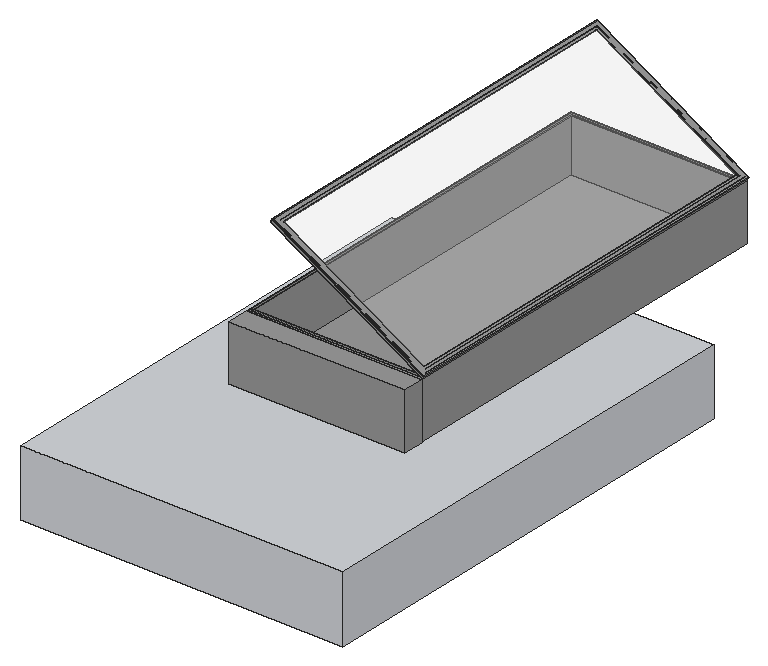
Revit family "Hager-Univers-IP55-D275-H1950-Cl.I-Steel_encl-NoHosted-CH-de", category Equipement électrique, Revit 2020
Family settings
  Hôte = Face
  Configuration du panneau = Deux colonnes, circuits au sein
  Cote de connecteur circulaire = Utiliser le diamètre
  Type d'élément = Tableau de raccordement
  Couper avec des vides une fois chargée = Non
  Partagée = Non
  Point de calcul de pièce = Non
Parameters (values of type "Bodenaufstellung IP55 B800 H1950 T275  - FR23K1")
  Width Control [instance] = if([EF000008 - Breite] > Min Width, [EF000008 - Breite], Min Width)  # 800 mm
  Commentaires du type = [HG000003 - Bereich]  # "Univers"
  Thickness Door [instance] = if([EF009171 - Materialstärke Tür/Deckel] > 3 mm, 3 mm, [EF009171 - Materialstärke Tür/Deckel])  # 1.5 mm
  Seal Frame Offset [instance] = 17 mm  # constant formula
  Plinth Visibility [instance] = [HG000027 - Sockelhöhe] > 0 mm  # yes
  Model = ""
  Min Width [instance] = 100 mm  # constant formula
  Min Height [instance] = 100 mm  # constant formula
  Min Depth [instance] = (2 * [EF009170 - Materialstärke Gehäuse]) + 1 mm  # 4 mm
  Internal Frame Depth [instance] = (Door System Depth * 0.5)  # 9 mm
  Height Control [instance] = if([EF000040 - Höhe] > Min Height, [EF000040 - Höhe], Min Height)  # 1950 mm
  HG000027 - Sockelhöhe = 100 mm
  HG000026 - Stehend auf dem Boden = yes
  HG000024 - Höhe des unteren Teils = 800 mm
  HG000023 - Gehäuse mit doppeltem Querschnitt = no
  HG000016 - 3D-Türsichtbarkeit [instance] = yes
  HG000015 - Sichtbarkeit der Türöffnung [instance] = no
  HG000014 - Tür rechts [instance] = yes
  HG000013 - Tür links [instance] = not([HG000014 - Tür rechts])  # no
  HG000012 - Türschwenkwinkel [instance] = 30.00°
  HG000010 - Asymmetrische Türen = no
  HG000009 - Doppelflügeligen Tür = no
  HG000006 - Unterputz = no
  HG000004 - Herstellerreferenz = "FR23K1"
  HG000003 - Bereich = "Univers"
  HG000002 - Mit tür = yes
  Frame Offset Bottom [instance] = 10 mm  # constant formula
  Frame Offset [instance] = 15 mm  # constant formula
  EF015940 - Deckel mit Überdruckentlastung = no
  EF011959 - Schutzart (NEMA) = ""
  EF009554 - Anzahl der Öffnungen für Flanschplatten = 6
  Fabricant = "Hager"  # constant formula
  EF009212 - Ausführung Deckel = "EV000116 - geschlossen"
  EF009171 - Materialstärke Tür/Deckel = 1.5 mm
  EF009170 - Materialstärke Gehäuse = 1.5 mm
  EF008873 - Nennstrom (In) = 800 A
  EF007800 - Geeignet für Blitzschutz = no
  EF006306 - Mit Schloss = no
  EF006244 - Transparenter Deckel/Tür = yes
  EF005474 - Schutzart (IP) = "EV006420 - IP55"
  EF004464 - Art der Tür = "EV002646 - Einzel"
  EF004427 - Anzahl der Module = 432
  EF004293 - Schlagfestigkeit = "EV008784 - IK10"
  EF003532 - Geeignet für Außengebrauch = no
  EF002950 - Breite in Teilungseinheiten = 24
  EF001613 - Funktionserhalt = "EV000494 - ohne"
  EF001596 - Werkstoff des Gehäuses = "EV000179 - Stahl"
  EF001131 - Innentiefe = 275 mm
  EF001088 - Anbaumöglichkeit = yes
  EF000437 - Anzahl der Leitungseinführungen = 6
  EF000339 - Art der Abdeckung = "EV004216 - Tür"
  EF000266 - Anzahl der Reihen = 12
  EF000218 - Einbautiefe = 0 mm
  EF000118 - Mit Montageplatte = no
  EF000116 - RAL-Nummer = "7035"
  EF000049 - Tiefe = 275 mm
  EF000040 - Höhe = 1950 mm
  EF000008 - Breite = 800 mm
  EF000007 - Farbe = "EV000270 - grau"
  EF000003 - Montageart = "EV012274 - Bodenaufstellung"
  Door System Leaf Tolerance [instance] = 1.5 mm  # constant formula
  Door System Depth [instance] = 18 mm  # constant formula
  Door Height [instance] = Height Control - [HG000027 - Sockelhöhe]  # 1850 mm
  Depth Control [instance] = if([EF000049 - Tiefe] > Min Depth, [EF000049 - Tiefe], Min Depth)  # 275 mm
  Default Elevation = 0 mm
  Connector Offset [instance] = Height Control / 2  # 975 mm
  Bottom Top Plate Trim [instance] = 1.5 mm  # constant formula
  Plinth height Ctrl [instance] = if([HG000027 - Sockelhöhe] > 0 mm, [HG000027 - Sockelhöhe], 12 mm)  # 100 mm
Types (11, lengths in mm): name | Width Control | HG000010 - Asymmetrische Türen | HG000009 - Doppelflügeligen Tür | HG000004 - Herstellerreferenz | EF009554 - Anzahl der Öffnungen für Flanschplatten | EF006244 - Transparenter Deckel/Tür | EF004464 - Art der Tür | EF004427 - Anzahl der Module | EF000437 - Anzahl der Leitungseinführungen | EF000008 - Breite
  Bodenaufstellung IP55 B1050 H1950 T275  - FR24E1 | 1050 | yes | yes | "FR24E1" | 8 | no | "EV003602 - Doppel" | 576 | 8 | 1050
  Bodenaufstellung IP55 B1050 H1950 T275  - FR24K1 | 1050 | yes | yes | "FR24K1" | 8 | yes | "EV003602 - Doppel" | 576 | 8 | 1050
  Bodenaufstellung IP55 B1300 H1950 T275  - FR25E1 | 1300 | yes | yes | "FR25E1" | 10 | no | "EV003602 - Doppel" | 720 | 10 | 1300
  Bodenaufstellung IP55 B1300 H1950 T275  - FR25K1 | 1300 | yes | yes | "FR25K1" | 10 | yes | "EV003602 - Doppel" | 720 | 10 | 1300
  Bodenaufstellung IP55 B1550 H1950 T275  - FR26E1 | 1550 | yes | yes | "FR26E1" | 12 | no | "EV003602 - Doppel" | 864 | 12 | 1550
  Bodenaufstellung IP55 B1550 H1950 T275  - FR26K1 | 1550 | yes | yes | "FR26K1" | 12 | yes | "EV003602 - Doppel" | 864 | 12 | 1550
  Bodenaufstellung IP55 B300 H1950 T275  - FR21E1 | 300 | no | no | "FR21E1" | 2 | no | "EV002646 - Einzel" | 144 | 2 | 300
  Bodenaufstellung IP55 B550 H1950 T275  - FR22E1 | 550 | no | no | "FR22E1" | 4 | no | "EV002646 - Einzel" | 288 | 4 | 550
  Bodenaufstellung IP55 B550 H1950 T275  - FR22K1 | 550 | no | no | "FR22K1" | 4 | yes | "EV002646 - Einzel" | 288 | 4 | 550
  Bodenaufstellung IP55 B800 H1950 T275  - FR23E1 | 800 | no | no | "FR23E1" | 6 | no | "EV002646 - Einzel" | 432 | 6 | 800
  Bodenaufstellung IP55 B800 H1950 T275  - FR23K1 | 800 | no | no | "FR23K1" | 6 | yes | "EV002646 - Einzel" | 432 | 6 | 800
Reference planes
  plane 1 "Center (Front/Back)": y = 0
  plane 2: z = 0
  plane 3 "Center (Left/Right)": x = 0
  plane 4: z = 275
  plane 5: y = 101.5
  plane 6: y = 1025
  plane 7: y = 100
  plane 8: y = 1950
  plane 9: z = 0
  plane 10: x = -385
  plane 11: x = 385
  plane 12: x = 383.5
  plane 13: x = -383.5
  plane 14: y = 1948.5
  plane 15: x = -383
  plane 16: x = -400
  plane 17: x = 383
  plane 18: x = 400
  plane 19: x = 398.5
  plane 20: x = -398.5
  plane 21: y = 111.5
  plane 22: y = 1950
  plane 23: y = 1933.5
  plane 24: z = 257
  plane 25: z = 1.5
  plane 26: z = 255.5
  plane 27: z = 273.5
Forms (mm)
  Extrusion 1, solid
    sketch origin (0, 0, 0) x (1, 0, 0) y (0, 1, 0)
      loop
        line (-702.964, 1305) -> (-702.964, -811.445) -> (766.763, -811.445) -> (766.763, 1305) -> (-702.964, 1305)
    from 0 to -304.8
  Extrusion 2, solid, material "Hager_Steel_RAL7035_Light_Grey", visible <- "Plinth Visibility", detail levels medium+fine
    sketch origin (0, 0, 0) x (1, 0, 0) y (0, 1, 0)
      loop
        line (-400, 0) -> (400, 0) -> (400, 100) -> (-400, 100) -> (-400, 0)
    from 0 to 257
  Extrusion 3, solid, material "Hager_Steel_RAL7035_Light_Grey", detail levels medium+fine
    sketch origin (0, 0, 0) x (1, 0, 0) y (0, 1, 0)
      loop
        line (-400, 100) -> (400, 100) -> (400, 1950) -> (-400, 1950) -> (-400, 100)
    from 0 to 257
  Extrusion 4, void
    sketch origin (0, 0, 0) x (1, 0, 0) y (0, 1, 0)
      loop
        line (-398.5, 101.5) -> (398.5, 101.5) -> (398.5, 1948.5) -> (-398.5, 1948.5) -> (-398.5, 101.5)
    from 1.5 to 255.5
  Extrusion 5, void
    sketch origin (-381.607, -4572, 257) x (0, -1, 0) y (-1, 0, 0)
      loop
        line (-4683.5, 1.893) -> (-6505.5, 1.893) -> (-6505.5, -765.107) -> (-4683.5, -765.107) -> (-4683.5, 1.893)
    from 0 to 1.5 <- "EF009170 - Materialstärke Gehäuse"
  Extrusion 6, solid, material "Hager_Steel_RAL7035_Light_Grey", detail levels fine
    sketch origin (0, 0, 257) x (1, 0, 0) y (0, 1, 0)
      loop
        line (-383.5, 1933.5) -> (-383.5, 111.5) -> (383.5, 111.5) -> (383.5, 1933.5) -> (-383.5, 1933.5)
      loop
        line (-385, 110) -> (385, 110) -> (385, 1935) -> (-385, 1935) -> (-385, 110)
    from 0 to 9 <- "Internal Frame Depth"
  Extrusion 7, solid, material "Hager_Steel_RAL7035_Light_Grey", detail levels coarse
    sketch origin (0, 0, 0) x (1, 0, 0) y (0, 1, 0)
      loop
        line (-400, 0) -> (400, 0) -> (400, 1950) -> (-400, 1950) -> (-400, 0)
    from 0 to 275
  Sweep 8, void
    path in 3D
      loop
        line (-400, 100, 0) -> (400, 100, 0) -> (400, 100, 257) -> (-400, 100, 257) -> (-400, 100, 0)
    profile origin (-400, 100, 128.5) x (-1, 0, 0) y (0, -1, 0)
      loop
        line (0, 0) -> (0, 1.5) -> (-1.5, 1.5)
        arc (-1.5, 1.5) -> (-1.061, 0.439) -> (0, 0) r 1.5
Cuts and joins
  Extrusion 4, Extrusion 5 cuts Extrusion 3
  Sweep 8 cuts Extrusion 2
Lines and regions (mm)
  Masking region 1
    outline origin (0, 0, 0) x (1, 0, 0) y (0, 0, 1)
      loop
        line (-400, 275) -> (-400, 0) -> (400, 0) -> (400, 275) -> (-400, 275)
  Masking region 2, detail levels medium+fine
    outline origin (0, 140, 0) x (0, 1, 0) y (0, 0, 1)
      loop
        line (-40, 0) -> (1810, 0) -> (1810, 257) -> (-40, 257) -> (-40, 0)
  Masking region 3, not visible, detail levels medium+fine
    outline origin (0, 297.922, 0) x (0, 1, 0) y (0, 0, 1)
      loop
        line (738.578, 0) -> (778.578, 0) -> (778.578, 263.5)
        arc (778.578, 263.5) -> (775.649, 270.571) -> (768.578, 273.5) r 10
        line (768.578, 273.5) -> (738.578, 273.5) -> (738.578, 0)
  Masking region 4, detail levels coarse
    outline origin (0, 0, 180) x (0, 1, 0) y (0, 0, 1)
      loop
        line (0, -180) -> (1950, -180) -> (1950, 95) -> (0, 95) -> (0, -180)
  Masking region 5, visible <- "Plinth Visibility", detail levels medium+fine
    outline origin (0, 52.24, 12.345) x (0, 0, -1) y (0, 1, 0)
      loop
        line (10.845, 47.76) -> (-243.155, 47.76)
        arc (-243.155, 47.76) -> (-243.594, 46.699) -> (-244.655, 46.26) r 1.5
        line (-244.655, 46.26) -> (-244.655, -52.24) -> (12.345, -52.24) -> (12.345, 46.26)
        arc (12.345, 46.26) -> (11.285, 46.699) -> (10.845, 47.76) r 1.5
  Masking region 6, detail levels medium+fine
    outline origin (-381.607, -4572, 257) x (-1, 0, 0) y (0, -1, 0)
      loop
        line (18.393, -6522) -> (18.393, -4672) -> (-781.607, -4672) -> (-781.607, -6522) -> (18.393, -6522)
  Masking region 7, visible <- "Plinth Visibility", detail levels medium+fine
    outline origin (-381.607, -4727, 257) x (-1, 0, 0) y (0, -1, 0)
      loop
        arc (16.893, -4827) -> (17.332, -4825.939) -> (18.393, -4825.5) r 1.5
        line (18.393, -4825.5) -> (18.393, -4727) -> (-781.607, -4727) -> (-781.607, -4825.5)
        arc (-781.607, -4825.5) -> (-780.546, -4825.939) -> (-780.107, -4827) r 1.5
        line (-780.107, -4827) -> (16.893, -4827)
  Masking region 8, detail levels coarse
    outline origin (-442.548, -4669.526, 257) x (-1, 0, 0) y (0, -1, 0)
      loop
        line (-42.548, -6619.526) -> (-42.548, -4669.526) -> (-842.548, -4669.526) -> (-842.548, -6619.526) -> (-42.548, -6619.526)
  sketch lines
    curve 1: line (-400, 100, 257) -> (-400, 100, 0)
    curve 2: line (400, 100, 257) -> (-400, 100, 257)
    curve 3: line (400, 100, 257) -> (400, 100, 0)
    curve 4: line (-400, 100, 0) -> (400, 100, 0)
Dimensions and locks
  "Depth Control": plane 4 to Extrusion 1
  "HG000027 - Sockelhöhe": plane 1 "Center (Front/Back)" to plane 7
  "EF009170 - Materialstärke Gehäuse": plane 5 to plane 7
  locked: connector elem to plane 3 "Center (Left/Right)"
  equal spacing: plane 8, plane 6, plane 7
  locked: connector elem to plane 6
  "EF009170 - Materialstärke Gehäuse": plane 8 to plane 14
  "EF009170 - Materialstärke Gehäuse": plane 10 to plane 13
  "EF009170 - Materialstärke Gehäuse": plane 12 to plane 11
  "Frame Offset": plane 20 to plane 13
  "Frame Offset": plane 12 to plane 19
  "EF009170 - Materialstärke Gehäuse": plane 16 to plane 20
  "EF009170 - Materialstärke Gehäuse": plane 19 to plane 18
  "Seal Frame Offset": plane 16 to plane 15
  "Seal Frame Offset": plane 17 to plane 18
  "Frame Offset Bottom": plane 21 to plane 5
  "Frame Offset": plane 14 to plane 23
  equal spacing: plane 16, plane 3 "Center (Left/Right)", plane 18
  "Width Control": plane 16 to plane 18
  "EF009170 - Materialstärke Gehäuse": plane 4 to plane 27
  "EF009170 - Materialstärke Gehäuse": plane 24 to plane 26
  "EF009170 - Materialstärke Gehäuse": plane 25 to level
  "Door System Depth": plane 4 to plane 24
  "Height Control": plane 1 "Center (Front/Back)" to Extrusion 7 sketch curve
  "Height Control": Masking region 4 sketch curve to plane 1 "Center (Front/Back)"
  "Height Control": plane 1 "Center (Front/Back)" to plane 22
  "Bottom Top Plate Trim": profile plane to Sweep 8 sketch curve
  "Bottom Top Plate Trim": Sweep 8 sketch curve to profile plane
  "Plinth height Ctrl": plane 1 "Center (Front/Back)" to Extrusion 2 sketch curve
  "Plinth height Ctrl": Masking region 5 sketch curve to plane 1 "Center (Front/Back)"
  "Plinth height Ctrl": plane 1 "Center (Front/Back)" to Masking region 7 sketch curve
  "Thickness Door": Extrusion 6 sketch curve to Extrusion 6 sketch curve  (x3)
  "Thickness Door": cut or joined group of Extrusion 3, Extrusion 4, Extrusion 5 to Extrusion 6 sketch curve
  radius of Masking region 3 sketch curve = 10 mm
  "Bottom Top Plate Trim": radius of Masking region 5 sketch curve  (x2)
  "Bottom Top Plate Trim": radius of Sweep 8 sketch curve
  "Bottom Top Plate Trim": radius of Masking region 7 sketch curve  (x2)
  aligned and locked: plane 2 to Extrusion 1
  aligned and locked: level to Extrusion 1
  aligned and locked: level to Masking region 1 sketch curve
  aligned and locked: Masking region 1 sketch curve to plane 18
  aligned and locked: Masking region 1 sketch curve to plane 16
  aligned and locked: plane 7 to Masking region 2 sketch curve
  aligned and locked: level to Masking region 3 sketch curve
  aligned and locked: Masking region 3 sketch curve to plane 27
  aligned and locked: level to Masking region 2 sketch curve
  aligned and locked: plane 1 "Center (Front/Back)" to Extrusion 2 sketch curve
  aligned and locked: Extrusion 3 sketch curve to plane 7
  aligned and locked: plane 16 to Extrusion 3 sketch curve
  aligned and locked: plane 18 to Extrusion 3 sketch curve
  aligned and locked: plane 20 to Extrusion 4 sketch curve
  aligned and locked: plane 19 to Extrusion 4 sketch curve
  aligned and locked: Extrusion 4 sketch curve to plane 5
  aligned and locked: Extrusion 4 to plane 25
  aligned and locked: plane 26 to Extrusion 4
  aligned and locked: plane 24 to Extrusion 3
  aligned and locked: Extrusion 5 sketch curve to plane 21
  aligned and locked: Extrusion 5 sketch curve to plane 13
  aligned and locked: Extrusion 5 sketch curve to plane 12
  aligned and locked: plane 18 to Extrusion 7 sketch curve
  aligned and locked: plane 1 "Center (Front/Back)" to Extrusion 7 sketch curve
  aligned and locked: plane 16 to Extrusion 7 sketch curve
  aligned and locked: plane 4 to Extrusion 7
  aligned and locked: Extrusion 7 to level
  aligned and locked: level to Masking region 4 sketch curve
  aligned and locked: Masking region 4 sketch curve to plane 1 "Center (Front/Back)"
  aligned and locked: Masking region 4 sketch curve to plane 4
  aligned and locked: nested 1 to level
  aligned and locked: nested 1 to plane 16
  aligned and locked: plane 8 to Extrusion 3 sketch curve
  aligned and locked: plane 23 to Extrusion 5 sketch curve
  aligned and locked: plane 14 to Extrusion 4 sketch curve
  aligned and locked: Masking region 2 sketch curve to plane 8
  aligned and locked: level to Masking region 5 sketch curve
  aligned and locked: plane 16 to Extrusion 2 sketch curve
  aligned and locked: plane 18 to Extrusion 2 sketch curve
  aligned and locked: Masking region 5 sketch curve to plane 24
  aligned and locked: Masking region 2 sketch curve to plane 24
  aligned and locked: plane 24 to Extrusion 2
  aligned and locked: profile plane to Sweep 8 sketch curve  (x2)
  aligned and locked: Masking region 6 sketch curve to plane 18
  aligned and locked: Masking region 6 sketch curve to plane 22
  aligned and locked: Masking region 6 sketch curve to plane 16
  aligned and locked: plane 8 to plane 22
  aligned and locked: Masking region 6 sketch curve to plane 7
  aligned and locked: Masking region 7 sketch curve to plane 16
  aligned and locked: Masking region 7 sketch curve to plane 1 "Center (Front/Back)"
  aligned and locked: Masking region 7 sketch curve to plane 18
  aligned and locked: Masking region 8 sketch curve to plane 1 "Center (Front/Back)"
  aligned and locked: Masking region 8 sketch curve to plane 18
  aligned and locked: Masking region 8 sketch curve to plane 22
  aligned and locked: Masking region 8 sketch curve to plane 16
  aligned and locked: nested 2 to plane 7
  aligned and locked: plane 3 "Center (Left/Right)" to nested 2
  aligned and locked: nested 2 to plane 24
  aligned and locked: Extrusion 6 sketch curve to cut or joined group of Extrusion 3, Extrusion 4, Extrusion 5  (x4)
Automatic sketch dimensions
  Extrusion 1 sketch curve to Extrusion 1 sketch curve = 1469.727 mm
  Extrusion 1 sketch curve to Extrusion 1 sketch curve = 2116.445 mm
  Masking region 1 sketch curve to plane 4 = 0 mm
  plane 6 to Masking region 3 sketch curve = 11.5 mm
  Masking region 3 sketch curve to Masking region 3 sketch curve = 30 mm
  Masking region 5 sketch curve to plane 1 "Center (Front/Back)" = 0 mm
Nested families
  nested 1: "Hager_Enclosure_Symbol" at (-400, 0, 0) x (1, 0, 0) z (0, -1, 0), Height <- "Depth Control", Width <- "Width Control", type "Hager_Enclosure_Symbol"
    with Width_Ctrl 800 mm, Width 800 mm, Height_Ctrl 275 mm, Height 275 mm, A_Width_Int 18.047 mm, A_Width 216.562 mm, A_Height_Ctrl 240.625 mm, A_Height 240.625 mm
  nested 2: "EC000058_Univers_Door" at (0, 100, 257) x (1, 0, 0) z (0, 1, 0), Leaf_Tolerance <- "Door System Leaf Tolerance", Angle <- "HG000012 - Türschwenkwinkel", Door_Depth <- "Door System Depth", Door_Left <- "HG000013 - Tür links", Transparent <- "EF006244 - Transparenter Deckel/Tür", Assymetrical <- "HG000010 - Asymmetrische Türen", Width <- "Width Control", Clearance <- "HG000015 - Sichtbarkeit der Türöffnung", Double <- "HG000009 - Doppelflügeligen Tür", 3d_Door <- "HG000016 - 3D-Türsichtbarkeit", Lock_Visibility <- "EF006306 - Mit Schloss", Width_Ctrl <- "Width Control", Door_Right <- "HG000014 - Tür rechts", Door <- "HG000002 - Mit tür", Height <- "Door Height", Thickness <- "Thickness Door", type "EC000058_Univers_Door", detail levels medium+fine
    with min_wh 4 mm, Width_Ctrl 800 mm, Width 800 mm, Transparent yes, Thickness 1.5 mm, Seal_Material Hager_Rubber, Lock_Visibility no, Lock_Material Hager_Plastic_RAL9005_Jet_Black, Leaf_Width 800 mm, Leaf_Tolerance_External_Sides 0 mm, Leaf_Tolerance 1.5 mm, Leaf_Offset 0 mm, Leaf_Height 1847 mm, Leaf_2_Width 800 mm, Leaf_2_Offset 400 mm, Leaf_1_Width 800 mm, Leaf_1_Offset 400 mm, Height_Ctrl 1850 mm, Height 1850 mm, Glass_Material Hager_Glass, Double_Clearance_Ctrl no, Double no, Door_Right_Ctrl yes, Door_Right yes, Door_Material Hager_Steel_RAL7035_Light_Grey, Door_Left_Ctrl no, Door_Left no, Door_Depth 18 mm, Door yes, Clearance_Material Hager_Clearance, Clearance_Depth 800 mm, Clearance_Ctrl no, Clearance no, Assymetrical no, Angle 30.00°, 3d_Door yes
Connectors
  electrical at (0, 1025, 0)
    settings: on plane 9, index 1, voltage 0 V, apparent load 0 VA, apparent load phase1 0 VA, apparent load phase2 0 VA, apparent load phase3 0 VA, power factor 1, load classification "Other", number of poles 1, system type 30, power factor state 1, is connector primary yes, connector utility no, sub classification motor no, connector description ""
Definition of nested family "EC000058_Univers_Door"
  Parameters (values of type "EC000058_Univers_Door")
    min_wh [instance] = (2 * Thickness) + 1 mm  # 11 mm
    Width_Ctrl [instance] = 400 mm
    Width [instance] = 500 mm
    Transparent [instance] = yes
    Thickness [instance] = 5 mm
    Seal_Material [instance] = none
    Lock_Visibility [instance] = yes
    Lock_Material [instance] = none
    Leaf_Width [instance] = if((Width_Ctrl - 2 * Leaf_Tolerance_External_Sides) > 0 mm, (Width_Ctrl - 2 * Leaf_Tolerance_External_Sides), min_wh)  # 400 mm
    Leaf_Tolerance_External_Sides [instance] = 0 mm  # constant formula
    Leaf_Tolerance [instance] = 1.5 mm
    Leaf_Offset [instance] = 0 mm  # constant formula
    Leaf_Height [instance] = if((Height_Ctrl - 2 * Leaf_Tolerance) > 0 mm, (Height_Ctrl - 2 * Leaf_Tolerance), min_wh)  # 497 mm
    Leaf_2_Width [instance] = if(and(and(Double, Assymetrical), Door_Left), (Leaf_Width / 3) - (Leaf_Tolerance / 2), if(and(and(Double, Assymetrical), Door_Right), (Leaf_Width / 3) * 2 - (Leaf_Tolerance / 2), if(and(Double, not(Assymetrical)), (Leaf_Width / 2) - Leaf_Tolerance, Leaf_Width)))  # 400 mm
    Leaf_2_Offset [instance] = if(and(Double, Assymetrical), Leaf_2_Width / 2, if(and(Double, not(Assymetrical)), Leaf_Width / 4, Leaf_Width / 2))  # 200 mm
    Leaf_1_Width [instance] = if(and(and(Double, Assymetrical), Door_Right), (Leaf_Width / 3) - (Leaf_Tolerance / 2), if(and(and(Double, Assymetrical), Door_Left), (Width / 3) * 2 - (Leaf_Tolerance / 2), if(and(Double, not(Assymetrical)), (Leaf_Width / 2) - Leaf_Tolerance, Leaf_Width)))  # 400 mm
    Leaf_1_Offset [instance] = if(and(Double, Assymetrical), Leaf_1_Width / 2, if(and(Double, not(Assymetrical)), Leaf_Width / 4, Leaf_Width / 2))  # 200 mm
    Height_Ctrl [instance] = if(Height > min_wh, Height, min_wh)  # 500 mm
    Height [instance] = 500 mm
    Glass_Material [instance] = none
    Double_Clearance_Ctrl [instance] = and(Double, Clearance)  # no
    Double [instance] = no
    Door_Right_Ctrl [instance] = and(or(Door_Right, Double), Door)  # yes
    Door_Right [instance] = yes
    Door_Material [instance] = none
    Door_Left_Ctrl [instance] = and(or(Door_Left, Double), Door)  # no
    Door_Left [instance] = no
    Door_Depth [instance] = 30 mm
    Door [instance] = yes
    Default Elevation = 1219.2 mm
    Clearance_Material [instance] = none
    Clearance_Depth [instance] = if(Leaf_1_Width > Leaf_2_Width, Leaf_1_Width, Leaf_2_Width)  # 400 mm
    Clearance_Ctrl [instance] = and(not(Double), Clearance)  # yes
    Clearance [instance] = yes
    Assymetrical [instance] = yes
    Angle [instance] = 30.00°
    3d_Door [instance] = yes
  Reference planes
    plane 1 "Center (Front/Back)": y = 0
    plane 2 "Bottom": z = 0
    plane 3 "Center (Left/Right)": x = 0
    plane 4: z = 500
    plane 5: x = -200
    plane 6: x = 200
    plane 7: z = 500
    plane 8: x = -200
    plane 9: z = 0
    plane 10: x = 200
    plane 11: y = 0
    plane 12: z = 1.5
    plane 13: x = -600
    plane 14: y = -400
    plane 15: x = 600
    plane 16: x = 0
    plane 17: x = 0
    plane 18: x = -200
    plane 19: x = 200
    plane 20: z = 498.5
  Forms (mm)
    Extrusion 1, solid, material <- "Clearance_Material", visible <- "Double_Clearance_Ctrl"
      sketch origin (1200, 0, 0) x (1, 0, 0) y (0, 0, -1)
        loop
          line (-1800, -498.5) -> (-600, -498.5) -> (-600, 0) -> (-1800, 0) -> (-1800, -498.5)
      from 0 to -400
  Dimensions and locks
    equal spacing: plane 5, plane 3 "Center (Left/Right)", plane 6
    "Width_Ctrl": plane 5 to plane 6
    "Leaf_Offset": plane 5 to plane 8
    "Leaf_Offset": plane 6 to plane 10
    "Leaf_Offset": plane 9 to level
    "Leaf_Offset": plane 4 to plane 7
    "Height_Ctrl": plane 4 to level
    "Leaf_Tolerance": plane 12 to plane 9
    locked: plane 11 to plane 1 "Center (Front/Back)"
    "Leaf_1_Offset": plane 18 to plane 16
    "Leaf_2_Offset": plane 17 to plane 19
    "Leaf_1_Width": plane 13 to plane 8
    "Leaf_2_Width": plane 10 to plane 15
    "Clearance_Depth": plane 14 to plane 1 "Center (Front/Back)"
    "Leaf_Tolerance_External_Sides": plane 8 to plane 18
    "Leaf_Tolerance_External_Sides": plane 19 to plane 10
    "Leaf_Tolerance": plane 7 to plane 20
    aligned and locked: level to plane 2 "Bottom"
    aligned and locked: nested 1 to plane 16
    aligned and locked: nested 2 to plane 17
    aligned and locked: Extrusion 1 to plane 13
    aligned and locked: plane 15 to Extrusion 1
    aligned and locked: Extrusion 1 to plane 14
    aligned and locked: plane 12 to nested 1
    aligned and locked: nested 2 to plane 12
    aligned and locked: Extrusion 1 to plane 11
    aligned and locked: plane 20 to Extrusion 1
    aligned and locked: nested 2 to plane 11
    aligned and locked: nested 1 to plane 11
  Automatic sketch dimensions
    Extrusion 1 sketch curve to level = 0 mm
    plane 5 to Extrusion 1 sketch curve = 400 mm
    plane 6 to Extrusion 1 sketch curve = 400 mm
    Extrusion 1 sketch curve to plane 4 = 1.5 mm
  Nested families
    nested 1: "EC000058_Univers_Door_Leaf" at (0, 0, 1.5), Width <- "Leaf_1_Width", visible <- "Door_Left_Ctrl", Leaf_Height <- "Leaf_Height", Angle <- "Angle", 3d_Door <- "3d_Door", Transparent <- "Transparent", Clearance Material <- "Clearance_Material", Clearance <- "Clearance_Ctrl", Door_Material <- "Door_Material", Glass_Material <- "Glass_Material", Door_Depth <- "Door_Depth", Lock_Material <- "Lock_Material", Seal_Material <- "Seal_Material", Lock_Visibility <- "Lock_Visibility", Thickness <- "Thickness", type "EC000058_Univers_Door_Leaf"
      with Width 400 mm, Transparent_Glass_Offset 30 mm, Transparent_Ctrl yes, Transparent yes, Thickness 5 mm, Standard no, Seal_Material none, Seal_D2 8 mm, Seal_D1 1 mm, Offset_Internal_Frame 10 mm, Lock_Width 20 mm, Lock_Visibility_3d yes, Lock_Visibility yes, Lock_Thickness_3 3 mm, Lock_Thickness_2 1 mm, Lock_Thickness_1 3 mm, Lock_Radius_Offset_2 16 mm, Lock_Radius_Offset_1 15 mm, Lock_Radius_2 5 mm, Lock_Radius 6 mm, Lock_Offset 5 mm, Lock_Material none, Lock_Height 80 mm, Lock_Cover_Top_Offset_2d 17 mm, Lock_Cover_Height -65 mm, Leaf_Height 497 mm, Internal_Seal_Thickness 8 mm, Internal_Seal_Depth_2 4.5 mm, Internal_Frame_Depth 25 mm, Glass_Thickness -1 mm, Glass_Offset -2 mm, Glass_Material none, Door_Material none, Door_Depth 30 mm, Clearance Material none, Clearance yes, Angle_Ctrl 30.00°, Angle 30.00°, 3d_Door yes
    nested 2: "EC000058_Univers_Door_Leaf" at (0, 0, 1.5) x (-1, 0, 0) z (0, 0, 1), Width <- "Leaf_2_Width", visible <- "Door_Right_Ctrl", Leaf_Height <- "Leaf_Height", Angle <- "Angle", 3d_Door <- "3d_Door", Transparent <- "Transparent", Clearance Material <- "Clearance_Material", Clearance <- "Clearance_Ctrl", Door_Material <- "Door_Material", Glass_Material <- "Glass_Material", Door_Depth <- "Door_Depth", Lock_Material <- "Lock_Material", Seal_Material <- "Seal_Material", Lock_Visibility <- "Lock_Visibility", Thickness <- "Thickness", type "EC000058_Univers_Door_Leaf"
      with Width 400 mm, Transparent_Glass_Offset 30 mm, Transparent_Ctrl yes, Transparent yes, Thickness 5 mm, Standard no, Seal_Material none, Seal_D2 8 mm, Seal_D1 1 mm, Offset_Internal_Frame 10 mm, Lock_Width 20 mm, Lock_Visibility_3d yes, Lock_Visibility yes, Lock_Thickness_3 3 mm, Lock_Thickness_2 1 mm, Lock_Thickness_1 3 mm, Lock_Radius_Offset_2 16 mm, Lock_Radius_Offset_1 15 mm, Lock_Radius_2 5 mm, Lock_Radius 6 mm, Lock_Offset 5 mm, Lock_Material none, Lock_Height 80 mm, Lock_Cover_Top_Offset_2d 17 mm, Lock_Cover_Height -65 mm, Leaf_Height 497 mm, Internal_Seal_Thickness 8 mm, Internal_Seal_Depth_2 4.5 mm, Internal_Frame_Depth 25 mm, Glass_Thickness -1 mm, Glass_Offset -2 mm, Glass_Material none, Door_Material none, Door_Depth 30 mm, Clearance Material none, Clearance yes, Angle_Ctrl 30.00°, Angle 30.00°, 3d_Door yes
  Definition of nested family "EC000058_Univers_Door_Leaf"
    Parameters (values of type "EC000058_Univers_Door_Leaf")
      Width [instance] = 2000 mm
      Transparent_Glass_Offset [instance] = 30 mm
      Transparent_Ctrl [instance] = and(Transparent, [3d_Door])  # yes
      Transparent [instance] = yes
      Thickness [instance] = 5 mm
      Standard [instance] = and(not(Transparent), [3d_Door])  # no
      Seal_Material [instance] = none
      Seal_D2 [instance] = 8 mm  # constant formula
      Seal_D1 [instance] = 1 mm  # constant formula
      Offset_Internal_Frame [instance] = 10 mm  # constant formula
      Lock_Width [instance] = 20 mm  # constant formula
      Lock_Visibility_3d [instance] = and(Lock_Visibility, [3d_Door])  # yes
      Lock_Visibility [instance] = yes
      Lock_Thickness_3 [instance] = 3 mm  # constant formula
      Lock_Thickness_2 [instance] = 1 mm  # constant formula
      Lock_Thickness_1 [instance] = 3 mm  # constant formula
      Lock_Radius_Offset_2 [instance] = Lock_Radius_Offset_1 + 1 mm  # 16 mm
      Lock_Radius_Offset_1 [instance] = 15 mm  # constant formula
      Lock_Radius_2 [instance] = Lock_Radius - 1 mm  # 5 mm
      Lock_Radius [instance] = 6 mm  # constant formula
      Lock_Offset [instance] = 5 mm  # constant formula
      Lock_Material [instance] = none
      Lock_Height [instance] = 80 mm  # constant formula
      Lock_Cover_Top_Offset_2d [instance] = Lock_Radius_Offset_2 + 1 mm  # 17 mm
      Lock_Cover_Height [instance] = -(Lock_Height - Lock_Radius_Offset_1)  # -65 mm
      Leaf_Height [instance] = 2720.336 mm
      Internal_Seal_Thickness [instance] = 8 mm  # constant formula
      Internal_Seal_Depth_2 [instance] = 4.5 mm  # constant formula
      Internal_Frame_Depth [instance] = if(Door_Depth - Thickness > 5 mm, Door_Depth - Thickness, 5 mm)  # 25 mm
      Glass_Thickness [instance] = if(Thickness > 15 mm, Glass_Offset + 10 mm, -1 mm)  # -1 mm
      Glass_Offset [instance] = if(Thickness > 15 mm, -(Thickness + 10 mm) / 2, -2 mm)  # -2 mm
      Glass_Material [instance] = none
      Door_Material [instance] = none
      Door_Depth [instance] = 30 mm
      Default Elevation = 0 mm
      Clearance Material [instance] = none
      Clearance [instance] = yes
      Angle_Ctrl [instance] = if(Angle > 180.00°, 180.00°, Angle)  # 90.00°
      Angle [instance] = 90.00°
      3d_Door [instance] = yes
    Reference planes
      plane 1 "Center (Front/Back)": y = 0
      plane 2: z = 0
      plane 3 "Center (Left/Right)": x = 0
      plane 4: y = 2000
      plane 5: x = -1000
      plane 6: x = 1000
      plane 7: x = -3000
      plane 8: z = 2720.336
      plane 9: z = 30
      plane 10: z = 2690.336
      plane 11: x = 970
      plane 12: x = -970
      plane 13: y = -3
      plane 14: z = 107.833
      plane 15: y = -5
      plane 16: y = -223.314
      plane 17: x = -1000
      plane 18: z = 1360.168
      plane 19: y = 30
    Forms (mm)
      Extrusion 1, solid, material <- "Clearance Material", visible <- "Clearance"
        sketch origin (0, 0, 0) x (1, 0, 0) y (0, 0, 1)
          loop
            line (-3000, 2720.336) -> (-3000, 0) -> (1000, 0) -> (1000, 2720.336) -> (-3000, 2720.336)
        from 0 to -2000
      Extrusion 2, solid, material <- "Door_Material", visible <- "Standard", detail levels medium+fine
        sketch origin (-1000, 0, 0) x (0, 1, 0) y (-1, 0, 0)
          loop
            line (0, 30) -> (0, 25) -> (2000, 25) -> (2000, 30) -> (0, 30)
        from 0 to 2720.336 <- "Leaf_Height"
      Extrusion 3, solid, material <- "Door_Material", visible <- "Transparent_Ctrl", detail levels medium+fine
        sketch origin (-1000, 0, 0) x (0, 1, 0) y (-1, 0, 0)
          loop
            line (0, 25) -> (2000, 25) -> (2000, 30) -> (0, 30) -> (0, 25)
        from 0 to 2720.336 <- "Leaf_Height"
      Extrusion 4, void
        sketch origin (-1025, 2000, 0) x (0, 1, 0) y (0, 0, -1)
          loop
            line (-30, -2690.336) -> (-30, -30) -> (-1970, -30) -> (-1970, -2690.336) -> (-30, -2690.336)
        from 0 to 5 <- "Thickness"
      Sweep 5, solid, material <- "Seal_Material", visible <- "Transparent_Ctrl", detail levels fine
        path in 3D
          loop
            line (-1025, 30, 30) -> (-1025, 30, 2690.336) -> (-1025, 1970, 2690.336) -> (-1025, 1970, 30) -> (-1025, 30, 30)
        profile origin (-1025, 1000, 30) x (1, 0, 0) y (0, 0, 1)
          loop
            line (0, 0) -> (0, -8) -> (1, -8) -> (1, 0) -> (0, 0)
      Extrusion 6, solid, material <- "Glass_Material", visible <- "Transparent_Ctrl", detail levels medium+fine
        sketch origin (-1030, 0, 0) x (0, 1, 0) y (0, 0, -1)
          loop
            line (1970, -2690.336) -> (1970, -30) -> (30, -30) -> (30, -2690.336) -> (1970, -2690.336)
        from -2 <- "Glass_Offset" to -1 <- "Glass_Thickness"
      Extrusion 7, solid, material <- "Door_Material", visible <- "3d_Door", detail levels medium+fine
        sketch origin (-1025, 2000, 0) x (0, -1, 0) y (0, 0, -1)
          loop
            line (0, -2720.336) -> (2000, -2720.336) -> (2000, 0) -> (0, 0) -> (0, -2720.336)
          loop
            line (1995, -5) -> (5, -5) -> (5, -2715.336) -> (1995, -2715.336) -> (1995, -5)
        from 0 to 25 <- "Internal_Frame_Depth"
      Sweep 8, solid, material <- "Seal_Material", visible <- "Transparent_Ctrl", detail levels fine
        path in 3D
          loop
            line (-1025, 0, 0) -> (-1025, 2000, 0) -> (-1025, 2000, 2720.336) -> (-1025, 0, 2720.336) -> (-1025, 0, 0)
        profile origin (-1025, 0, 1360.168) x (1, 0, 0) y (0, 1, 0)
          loop
            line (0, 10) -> (2.975, 10)
            arc (2.975, 10) -> (4.053, 10.447) -> (4.5, 11.525) r 1.525
            line (4.5, 11.525) -> (4.5, 16.527)
            arc (4.5, 16.527) -> (4.069, 17.569) -> (3.027, 18) r 1.473
            line (3.027, 18) -> (0, 18) -> (0, 10)
      Extrusion 9, solid, material <- "Lock_Material", visible <- "Lock_Visibility_3d", detail levels fine
        sketch origin (-1030, 0, 0) x (0, 1, 0) y (0, 0, -1)
          loop
            arc (1993.5, -1400.168) -> (1994.561, -1399.729) -> (1995, -1398.668) r 1.5
            line (1995, -1398.668) -> (1995, -1320.168) -> (1975, -1320.168) -> (1975, -1398.668)
            arc (1975, -1398.668) -> (1975.439, -1399.729) -> (1976.5, -1400.168) r 1.5
            line (1976.5, -1400.168) -> (1993.5, -1400.168)
        from 3 <- "Lock_Thickness_1" to 0
      Blend 10, solid, material <- "Lock_Material", visible <- "Lock_Visibility_3d", detail levels fine
        base sketch origin (-1033, 0, 0) x (0, 1, 0) y (0, 0, -1)
          loop
            line (1975, -1320.168) -> (1975, -1398.668)
            arc (1975, -1398.668) -> (1975.439, -1399.729) -> (1976.5, -1400.168) r 1.5
            line (1976.5, -1400.168) -> (1993.5, -1400.168)
            arc (1993.5, -1400.168) -> (1994.561, -1399.729) -> (1995, -1398.668) r 1.5
            line (1995, -1398.668) -> (1995, -1320.168) -> (1975, -1320.168)
        top sketch origin (-1033, 0, 0) x (0, 1, 0) y (0, 0, -1)
          loop
            line (1976, -1320.168) -> (1976, -1398.668)
            arc (1976, -1398.668) -> (1976.146, -1399.022) -> (1976.5, -1399.168) r 0.5
            line (1976.5, -1399.168) -> (1993.5, -1399.168)
            arc (1993.5, -1399.168) -> (1993.854, -1399.022) -> (1994, -1398.668) r 0.5
            line (1994, -1398.668) -> (1994, -1320.168) -> (1976, -1320.168)
        from 0 to 1 <- "Lock_Thickness_2"
      Blend 11, solid, material <- "Lock_Material", visible <- "Lock_Visibility_3d", detail levels fine
        base sketch origin (-1034, 0, 0) x (0, 1, 0) y (0, 0, -1)
          loop
            line (1978, -1320.168) -> (1978, -1384.168)
            arc (1978, -1384.168) -> (1985, -1391.168) -> (1992, -1384.168) r 7
            line (1992, -1384.168) -> (1992, -1320.168) -> (1978, -1320.168)
        top sketch origin (-1034, 0, 0) x (0, 1, 0) y (0, 0, -1)
          loop
            line (1991, -1320.168) -> (1979, -1320.168) -> (1979, -1383.168)
            arc (1979, -1383.168) -> (1985, -1389.168) -> (1991, -1383.168) r 6
            line (1991, -1383.168) -> (1991, -1320.168)
        from 0 to 3 <- "Lock_Thickness_3"
      Extrusion 12, solid, material <- "Lock_Material", visible <- "Lock_Visibility_3d", detail levels fine
        sketch origin (-1030, 1975, 1320.168) x (1, 0, 0) y (0, -1, 0)
          loop
            line (-7, -19) -> (-7, -1) -> (0, -1) -> (0, 0) -> (-8, 0) -> (-8, -20) -> (0, -20) -> (0, -19) -> (-7, -19)
        from 0 to -65 <- "Lock_Cover_Height"
      Extrusion 13, void
        sketch origin (-1038, 1995, 1320.168) x (-1, 0, 0) y (0, 0, -1)
          loop
            line (-5, -65) -> (0, -65) -> (-5, -60) -> (-5, -65)
        from 0 to 20 <- "Lock_Width"
      Extrusion 14, void
        sketch origin (-1038, 1975, 1320.168) x (0, -1, 0) y (0, 0, -1)
          loop
            circle (-10, -15.995) r 6
          loop
            circle (-10, -15.995) r 5
        from 0 to 2
      Extrusion 15, solid, material <- "Lock_Material", visible <- "Lock_Visibility_3d", detail levels medium
        sketch origin (-1030, 0, 0) x (0, 1, 0) y (0, 0, -1)
          loop
            arc (1993.5, -1400.168) -> (1994.561, -1399.729) -> (1995, -1398.668) r 1.5
            line (1995, -1398.668) -> (1995, -1320.168) -> (1975, -1320.168) -> (1975, -1398.668)
            arc (1975, -1398.668) -> (1975.439, -1399.729) -> (1976.5, -1400.168) r 1.5
            line (1976.5, -1400.168) -> (1993.5, -1400.168)
        from 8 to 0
    Cuts and joins
      Extrusion 4 cuts Extrusion 3
      Extrusion 13, Extrusion 14 cuts Extrusion 9
      Extrusion 14 cuts Blend 11
      Extrusion 13, Extrusion 14 cuts Extrusion 12
      joined: Extrusion 9, Blend 10, Blend 11, Extrusion 12
      Extrusion 14 cuts Extrusion 15
    Lines and regions (mm)
      Masking region 1, visible <- "Lock_Visibility", detail levels fine
        outline origin (0, 0, 0) x (0, 1, 0) y (0, 0, 1)
          loop
            line (30, 1320.168) -> (33, 1320.168) -> (33, 1400.168) -> (30, 1400.168) -> (30, 1320.168)
      Masking region 2, visible <- "Lock_Visibility", detail levels fine
        outline origin (0, 3.143, 0) x (0, 1, 0) y (0, 0, 1)
          loop
            line (29.857, 1354.168) -> (30.857, 1354.168) -> (30.857, 1366.168) -> (29.857, 1366.168) -> (29.857, 1354.168)
      Masking region 3, detail levels medium+fine
        outline origin (0, 0, 0) x (0, 1, 0) y (0, 0, 1)
          loop
            line (0, 0) -> (30, 0) -> (30, 2720.336) -> (0, 2720.336) -> (0, 0)
      Masking region 4, detail levels medium+fine
        outline origin (0, 0, 0) x (1, 0, 0) y (0, 0, 1)
          loop
            line (-1000, 2720.336) -> (-1000, 0) -> (1000, 0) -> (1000, 2720.336) -> (-1000, 2720.336)
      Masking region 5, visible <- "Lock_Visibility", detail levels fine
        outline origin (-47.116, 0, 0) x (1, 0, 0) y (0, 0, 1)
          loop
            arc (1024.616, 1399.168) -> (1023.556, 1398.729) -> (1023.116, 1397.668) r 1.5
            line (1023.116, 1397.668) -> (1023.116, 1320.168) -> (1041.116, 1320.168) -> (1041.116, 1397.668)
            arc (1041.116, 1397.668) -> (1040.677, 1398.729) -> (1039.616, 1399.168) r 1.5
            line (1039.616, 1399.168) -> (1024.616, 1399.168)
      Masking region 6, visible <- "Lock_Visibility", detail levels medium+fine
        outline origin (-25, 0, 0) x (1, 0, 0) y (0, 0, 1)
          loop
            arc (1001.5, 1400.168) -> (1000.439, 1399.729) -> (1000, 1398.668) r 1.5
            line (1000, 1398.668) -> (1000, 1320.168) -> (1020, 1320.168) -> (1020, 1398.668)
            arc (1020, 1398.668) -> (1019.561, 1399.729) -> (1018.5, 1400.168) r 1.5
            line (1018.5, 1400.168) -> (1001.5, 1400.168)
      Masking region 7, visible <- "Lock_Visibility", detail levels fine
        outline origin (-73.735, 0, 0) x (1, 0, 0) y (0, 0, 1)
          loop
            line (1051.735, 1382.168) -> (1065.735, 1382.168) -> (1065.735, 1384.168)
            arc (1065.735, 1384.168) -> (1058.735, 1391.168) -> (1051.735, 1384.168) r 7
            line (1051.735, 1384.168) -> (1051.735, 1382.168)
      Masking region 8, visible <- "Lock_Visibility", detail levels fine
        outline origin (-73.735, 0, 0) x (1, 0, 0) y (0, 0, 1)
          loop
            line (1052.735, 1382.168) -> (1064.735, 1382.168) -> (1064.735, 1383.168)
            arc (1064.735, 1383.168) -> (1058.735, 1389.168) -> (1052.735, 1383.168) r 6
            line (1052.735, 1383.168) -> (1052.735, 1382.168)
      Masking region 9, visible <- "Lock_Visibility", detail levels fine
        outline origin (-25, 0, 0) x (1, 0, 0) y (0, 0, 1)
          loop
            line (1020, 1320.168) -> (1020, 1382.168) -> (1000, 1382.168) -> (1000, 1320.168) -> (1020, 1320.168)
      Masking region 10, detail levels medium+fine
        outline origin (0, 0, 0) x (1, 0, 0) y (0, 0, 1)
          loop
            circle (985, 1335.144) r 6
      Masking region 11, detail levels fine
        outline origin (0, 0, 0) x (1, 0, 0) y (0, 0, 1)
          loop
            circle (985, 1335.144) r 5
      Masking region 12, visible <- "Lock_Visibility", detail levels fine
        outline origin (0, 12.767, 0) x (0, 1, 0) y (0, 0, 1)
          loop
            line (20.233, 1320.168) -> (21.233, 1320.168) -> (21.233, 1399.168) -> (20.233, 1400.168) -> (20.233, 1320.168)
      Masking region 13, visible <- "Lock_Visibility", detail levels fine
        outline origin (0, 13.767, -10) x (0, 1, 0) y (0, 0, 1)
          loop
            line (20.233, 1330.168) -> (23.233, 1330.168) -> (23.233, 1399.168) -> (20.233, 1402.168) -> (20.233, 1330.168)
      Masking region 14, visible <- "Lock_Visibility", detail levels fine
        outline origin (0, 12.767, -10) x (0, 1, 0) y (0, 0, 1)
          loop
            line (20.233, 1330.168) -> (25.233, 1330.168) -> (25.233, 1399.305) -> (20.233, 1394.305) -> (20.233, 1330.168)
      Masking region 15, visible <- "Lock_Visibility", detail levels medium
        outline origin (0, 0, 0) x (0, 1, 0) y (0, 0, 1)
          loop
            line (30, 1320.168) -> (38, 1320.168) -> (38, 1400.168) -> (30, 1400.168) -> (30, 1320.168)
      Masking region 16, visible <- "Lock_Visibility", detail levels fine
        outline origin (-1000, 0, 0) x (0, 1, 0) y (-1, 0, 0)
          loop
            line (1975, 30) -> (1995, 30) -> (1995, 38) -> (1975, 38) -> (1975, 30)
          loop
            line (1979, 37) -> (1976, 37) -> (1976, 34) -> (1978, 34) -> (1979, 37)
          loop
            line (1994, 37) -> (1991, 37) -> (1992, 34) -> (1994, 34) -> (1994, 37)
      Masking region 17, visible <- "Lock_Visibility", detail levels medium
        outline origin (-1000, 0, 0) x (0, 1, 0) y (-1, 0, 0)
          loop
            line (1975, 30) -> (1995, 30) -> (1995, 38) -> (1975, 38) -> (1975, 30)
      symbolic lines
        curve 1: line (1000, 0, 0) -> (-3000, 0, 0)
        curve 2: arc (1000, 0, 0) -> (-1000, 2000, 0) -> (-3000, 0, 0) r 2000
        curve 4: line (-1030, 0, 0) -> (-1030, 2000, 0)
      reference lines
        curve 3: line (-1000, 0, 0) -> (-1000, 2000, 0)
      symbolic lines, detail levels medium+fine
        curve 5: line (-1030, 2000, 0) -> (-1025, 2000, 0)
        curve 7: line (-1025, 0, 0) -> (-1030, 0, 0)
        curve 8: line (-1025, 0, 0) -> (-1000, 0, 0)
        curve 9: line (-1000, 0, 0) -> (-1000, 2000, 0)
        curve 10: line (-1000, 2000, 0) -> (-1025, 2000, 0)
      symbolic lines, detail levels fine
        curve 6: line (-1025, 2000, 0) -> (-1025, 0, 0)
      sketch lines
        curve 11: line (-1025, 0, 2720.336) -> (-1025, 0, 0)
        curve 12: line (-1025, 2000, 0) -> (-1025, 0, 0)
        curve 13: line (-1025, 2000, 2720.336) -> (-1025, 2000, 0)
        curve 14: line (-1025, 0, 2720.336) -> (-1025, 2000, 2720.336)
        curve 15: line (-1025, 1970, 30) -> (-1025, 30, 30)
        curve 16: line (-1025, 30, 30) -> (-1025, 30, 2690.336)
        curve 17: line (-1025, 1970, 2690.336) -> (-1025, 1970, 30)
        curve 18: line (-1025, 30, 2690.336) -> (-1025, 1970, 2690.336)
      symbolic lines, visible <- "Transparent", detail levels medium+fine
        curve 19: line (-970, 0, 2690.336) -> (970, 0, 2690.336)
        curve 20: line (-970, 0, 30) -> (-970, 0, 2690.336)
        curve 21: line (970, 0, 30) -> (-970, 0, 30)
        curve 22: line (970, 0, 2690.336) -> (970, 0, 30)
    Dimensions and locks
      "Width": plane 1 "Center (Front/Back)" to plane 4
      equal spacing: plane 5, plane 3 "Center (Left/Right)", plane 6
      "Width": plane 5 to plane 6
      "Width": plane 7 to plane 5
      "Leaf_Height": plane 8 to level
      "Width": curve 5 to curve 3
      "Width": curve 3 to curve 3
      plane 8 to plane 10 = 30 mm
      plane 9 to level = 30 mm
      plane 12 to plane 5 = 30 mm
      plane 6 to plane 11 = 30 mm
      Extrusion 1 to Extrusion 4 sketch curve = 30 mm
      "Transparent_Glass_Offset": curve 3 to Extrusion 4 sketch curve
      "Transparent_Glass_Offset": Extrusion 4 sketch curve to cut or joined group of Extrusion 3, Extrusion 4  (x2)
      cut or joined group of Extrusion 3, Extrusion 4 to Extrusion 6 sketch curve = 30 mm
      "Transparent_Glass_Offset": cut or joined group of Extrusion 3, Extrusion 4 to Extrusion 4 sketch curve
      "Thickness": curve 6 to curve 4
      "Thickness": Extrusion 7 sketch curve to Extrusion 7 sketch curve  (x4)
      "Door_Depth": curve 4 to curve 3
      "Offset_Internal_Frame": profile plane to Sweep 8 sketch curve
      "Internal_Seal_Thickness": Sweep 8 sketch curve to Sweep 8 sketch curve
      "Internal_Seal_Depth_2": profile plane to Sweep 8 sketch curve
      "Seal_D1": profile plane to Sweep 5 sketch curve
      "Seal_D2": profile plane to Sweep 5 sketch curve
      "Thickness": Extrusion 2 sketch curve to Extrusion 2 sketch curve
      equal spacing: Extrusion 9 sketch curve, plane 18, Extrusion 9 sketch curve  (x2)
      equal spacing: Masking region 1 sketch curve, plane 18, Masking region 1 sketch curve
      "Lock_Height": Masking region 1 sketch curve to Masking region 1 sketch curve
      "Lock_Radius": Masking region 2 sketch curve to plane 18 to Masking region 2 sketch curve
      Masking region 2 sketch curve to Masking region 1 = 1 mm
      "Door_Depth": plane 19 to plane 1 "Center (Front/Back)"
      "Lock_Thickness_1": Masking region 1 sketch curve to plane 19
      "Lock_Width": Extrusion 9 sketch curve to Extrusion 9 sketch curve
      "Lock_Height": Extrusion 9 sketch curve to Extrusion 9 sketch curve
      "Lock_Offset": cut or joined group of Extrusion 3, Extrusion 4 to Extrusion 9 sketch curve
      equal spacing: plane 8, plane 18, level
      "Lock_Radius_Offset_1": Blend 11 sketch curve to Blend 10
      locked: Blend 10 to Blend 11 sketch curve at 2  (x2)
      locked: var sketch to Blend 11 sketch curve at 1  (x2)
      "Lock_Radius_Offset_2": Blend 11 sketch curve to Blend 10
      locked: Extrusion 12 sketch curve to Extrusion 12 sketch curve at 1  (x3)
      Masking region 6 sketch curve to Masking region 6 sketch curve = 80 mm
      "Lock_Height": Masking region 6 sketch curve to Masking region 6 sketch curve
      "Lock_Width": Masking region 6 sketch curve to Masking region 6 sketch curve
      locked: Masking region 6 to Masking region 5 sketch curve at 1  (x3)
      locked: Masking region 5 to Masking region 7 sketch curve at 2  (x2)
      "Lock_Radius_Offset_1": Masking region 5 to Masking region 7 sketch curve
      "Lock_Radius_Offset_2": Masking region 5 to Masking region 8 sketch curve
      locked: Masking region 7 to Masking region 8 sketch curve at 1  (x2)
      "Lock_Cover_Top_Offset_2d": Masking region 5 to Masking region 9 sketch curve
      equal spacing: Masking region 9, Masking region 10 sketch curve, Masking region 9
      equal spacing: Masking region 9, Masking region 11 sketch curve, Masking region 9
      Extrusion 15 sketch curve to Extrusion 15 sketch curve = 80 mm
      "Lock_Width": Extrusion 15 sketch curve to Extrusion 15 sketch curve
      "Lock_Height": Extrusion 15 sketch curve to Extrusion 15 sketch curve
      equal spacing: Extrusion 15 sketch curve, plane 18, Extrusion 15 sketch curve
      "Lock_Thickness_3": Masking region 13 sketch curve to Masking region 13 sketch curve
      "Lock_Height": Masking region 12 sketch curve to Masking region 12 sketch curve
      locked: Masking region 13 sketch curve to Masking region 1 at 8
      locked: Masking region 14 sketch curve to Masking region 13 at 1
      locked: Masking region 14 sketch curve to Masking region 1 at 10.863
      "Lock_Height": Masking region 15 sketch curve to Masking region 15 sketch curve
      "Lock_Offset": Extrusion 15 sketch curve to cut or joined group of Extrusion 3, Extrusion 4
      "Lock_Offset": plane 6 to Masking region 6 sketch curve
      radius of Sweep 8 sketch curve = 1.525 mm
      radius of Sweep 8 sketch curve = 1.473 mm
      radius of Extrusion 9 sketch curve = 1.5 mm  (x2)
      "Lock_Radius": radius of Extrusion 14 sketch curve
      "Lock_Radius_2": radius of Extrusion 14 sketch curve
      "Lock_Radius": radius of Masking region 10 sketch curve
      "Lock_Radius_2": radius of Masking region 11 sketch curve
      radius of Extrusion 15 sketch curve = 1.5 mm  (x2)
      "Angle_Ctrl": angle plane 1 "Center (Front/Back)" to curve 3
      locked: Masking region 12 sketch curve to Masking region 12 sketch curve (angle 45.00°)
      locked: Masking region 13 sketch curve to Masking region 13 sketch curve (angle 45.00°)
      locked: Masking region 14 sketch curve to Masking region 14 sketch curve (angle 45.00°)
      aligned and locked: level to plane 2
      aligned and locked: Extrusion 1 to curve 1
      aligned and locked: plane 6 to Extrusion 1
      aligned and locked: Extrusion 1 to plane 1 "Center (Front/Back)"
      aligned and locked: plane 4 to Extrusion 1
      aligned and locked: plane 8 to Extrusion 1
      aligned and locked: curve 7 to Extrusion 2 sketch curve
      aligned and locked: curve 5 to Extrusion 2 sketch curve
      aligned and locked: curve 7 to Extrusion 3 sketch curve
      aligned and locked: Extrusion 3 sketch curve to curve 4
      aligned and locked: Extrusion 3 sketch curve to curve 6
      aligned and locked: Extrusion 3 sketch curve to curve 5
      aligned and locked: curve 9 to curve 3
      aligned and locked: Extrusion 7 sketch curve to cut or joined group of Extrusion 3, Extrusion 4  (x4)
      aligned and locked: plane 17 to curve 3
      aligned and locked: plane 1 "Center (Front/Back)" to curve 3
      aligned and locked: plane 17 to plane 5
      aligned and locked: Sweep 8 sketch curve to profile plane
      aligned and locked: Sweep 5 sketch curve to profile plane  (x2)
      aligned and locked: Masking region 1 to Masking region 2 sketch curve
      aligned and locked: plane 19 to Masking region 1 sketch curve
      aligned and locked: plane 1 "Center (Front/Back)" to Masking region 3 sketch curve
      aligned and locked: plane 19 to Masking region 3 sketch curve
      aligned and locked: level to Masking region 3 sketch curve
      aligned and locked: Masking region 3 sketch curve to plane 8
      aligned and locked: plane 17 to Masking region 4 sketch curve
      aligned and locked: level to Masking region 4 sketch curve
      aligned and locked: Masking region 4 sketch curve to plane 8
      aligned and locked: plane 12 to curve 20
      aligned and locked: plane 10 to curve 19
      aligned and locked: plane 11 to curve 22
      aligned and locked: curve 21 to plane 9
      aligned and locked: Extrusion 2 sketch curve to cut or joined group of Extrusion 3, Extrusion 4
      aligned and locked: Blend 10 sketch curve to Extrusion 9  (x4)
      aligned and locked: Extrusion 9 to Blend 10 sketch curve
      aligned and locked: Blend 10 to Blend 11 sketch curve
      aligned and locked: Extrusion 12 sketch curve to Blend 11
      aligned and locked: Extrusion 12 sketch curve to Extrusion 9  (x4)
      aligned and locked: Masking region 5 sketch curve to Masking region 6
      aligned and locked: Masking region 9 sketch curve to Masking region 6  (x3)
      aligned and locked: Masking region 12 sketch curve to Masking region 1
      aligned and locked: Masking region 13 sketch curve to Masking region 1
      aligned and locked: Masking region 12 to Masking region 14
      aligned and locked: Masking region 14 sketch curve to Masking region 1
      aligned and locked: Masking region 15 sketch curve to Masking region 14
      aligned and locked: Masking region 13 sketch curve to Masking region 12
      aligned and locked: Masking region 16 sketch curve to cut or joined group of Extrusion 14, Extrusion 15  (x4)
      aligned and locked: Masking region 16 sketch curve to cut or joined group of Extrusion 9, Blend 10, Blend 11, Extrusion 12, Extrusion 13, Extrusion 14  (x6)
      aligned and locked: cut or joined group of Extrusion 9, Blend 10, Blend 11, Extrusion 12, Extrusion 13, Extrusion 14 to Masking region 16 sketch curve
      aligned and locked: Masking region 17 sketch curve to cut or joined group of Extrusion 14, Extrusion 15  (x3)
      aligned and locked: Masking region 17 sketch curve to cut or joined group of Extrusion 9, Blend 10, Blend 11, Extrusion 12, Extrusion 13, Extrusion 14
      aligned and locked: Masking region 9 to Masking region 8 sketch curve
      aligned and locked: Masking region 9 to Masking region 7 sketch curve
    Automatic sketch dimensions
      plane 1 "Center (Front/Back)" to curve 2 = 0 mm
      curve 2 to plane 5 = 0 mm
      Extrusion 1 sketch curve to level = 0 mm
      Extrusion 1 sketch curve to plane 7 = 0 mm
      Extrusion 1 sketch curve to plane 6 = 0 mm
      Extrusion 1 sketch curve to plane 8 = 0 mm
      Extrusion 3 to Extrusion 6 sketch curve = 30 mm  (x4)
      Masking region 4 sketch curve to plane 6 = 0 mm
      Blend 10 sketch curve to Extrusion 9 = 1.5 mm
      Blend 10 sketch curve to Extrusion 9 = 1 mm
      Extrusion 13 sketch curve to Extrusion 12 = 0 mm  (x2)
      Extrusion 12 to Extrusion 13 sketch curve = 3 mm
      Extrusion 13 sketch curve to Extrusion 12 = 5 mm
      Extrusion 14 sketch curve to Extrusion 14 sketch curve = 0 mm  (x2)
      Extrusion 14 sketch curve to Extrusion 12 = 10 mm
      Extrusion 14 sketch curve to Extrusion 12 = 15.995 mm
      Masking region 5 sketch curve to Masking region 5 sketch curve = 1.5 mm  (x2)
      Masking region 10 sketch curve to plane 18 = 25.024 mm
      Masking region 11 sketch curve to plane 18 = 25.024 mm
      plane 19 to Masking region 14 sketch curve = 3 mm
      Masking region 16 sketch curve to Masking region 16 sketch curve = 3 mm
      curve 4 to curve 3 = 0 mm
      Blend 10 to Blend 11 sketch curve = 0 mm
      Masking region 6 sketch curve to Masking region 6 sketch curve = 1.5 mm  (x2)
      Masking region 6 sketch curve to plane 18 = 40 mm
      plane 19 to Masking region 12 sketch curve = 3 mm
      Masking region 12 sketch curve to Masking region 12 sketch curve = 1 mm
      Masking region 15 sketch curve to plane 19 = 0 mm
      Masking region 15 sketch curve to plane 18 = 40 mm
      radius of Blend 10 sketch curve to Extrusion 9 = 1 mm
Definition of nested family "Hager_Enclosure_Symbol"
  Parameters (values of type "Hager_Enclosure_Symbol")
    Width_Ctrl [instance] = if(Width > 1 mm, Width, 1 mm)  # 102.27 mm
    Width [instance] = 102.27 mm
    Height_Ctrl [instance] = if(Height > 1 mm, Height, 1 mm)  # 66.5 mm
    A_Width_Int [instance] = if(A_Width / 12 > 2 mm, A_Width / 12, 2 mm)  # 4.364 mm
    A_Width [instance] = if(A_Height_Ctrl * 0.9 > 2 mm, A_Height_Ctrl * 0.9, 2 mm)  # 52.369 mm
    A_Height_Ctrl [instance] = if(A_Height > 2 mm, A_Height, 2 mm)  # 58.188 mm
    Height [instance] = 66.5 mm
    A_Height [instance] = Height - (Height / 8)  # 58.188 mm
  Reference planes
    plane 1 "Centre (avant/arrière)": y = 0
    plane 2: z = 0
    plane 3 "Centre (gauche/droite)": x = 0
    plane 4: x = 52.369
    plane 5: y = 33.042
    plane 6: y = 41.77
    plane 7: y = 66.5
    plane 8: x = 26.184
    plane 9: y = 37.406
    plane 10: x = 102.27
    plane 11: y = 66.5
    plane 12: y = 8.313
  Lines and regions (mm)
    Filled region 1, type "Solid_Black", in view "Niveau de réf."
      outline origin (0, 0, 0) x (1, 0, 0) y (0, 1, 0)
        loop
          line (52.369, 66.5) -> (33.188, 54.536) -> (45.365, 45.006) -> (52.369, 66.5)
    Filled region 2, type "Solid_Black", in view "Niveau de réf."
      outline origin (0, 0, 0) x (1, 0, 0) y (0, 1, 0)
        loop
          line (0, 0) -> (102.27, 0) -> (102.27, 66.5) -> (0, 0)
    detail lines, in view "Niveau de réf."
      curve 1: line (0, 8.313, 0) -> (26.184, 41.77, 0)
      curve 2: line (26.184, 41.77, 0) -> (26.184, 33.042, 0)
      curve 3: line (26.184, 33.042, 0) -> (52.369, 66.5, 0)
  Dimensions and locks
    "A_Width": plane 3 "Centre (gauche/droite)" to plane 4
    equal spacing: plane 3 "Centre (gauche/droite)", plane 8, plane 4
    equal spacing: plane 6, plane 9, plane 5
    equal spacing: curve 3, Filled region 1 sketch curve, Filled region 1 sketch curve
    "Height_Ctrl": plane 1 "Centre (avant/arrière)" to plane 11
    "A_Height_Ctrl": plane 11 to plane 12
    equal spacing: plane 11, plane 9, plane 12
    "A_Width_Int": plane 6 to plane 9
    "Width_Ctrl": plane 3 "Centre (gauche/droite)" to plane 10
    angle Filled region 1 sketch curve to curve 3 = 20.00°
    angle curve 3 to Filled region 1 sketch curve = 20.00°
    locked: curve 3 to Filled region 1 sketch curve (angle 90.00°)
    aligned and locked: plane 10 to Filled region 2
    aligned and locked: plane 11 to Filled region 2 sketch curve
    aligned and locked: plane 10 to Filled region 2 sketch curve
    aligned and locked: plane 3 "Centre (gauche/droite)" to curve 1
    aligned and locked: plane 12 to curve 1
    aligned and locked: plane 7 to plane 11
  Automatic sketch dimensions
    Filled region 1 sketch curve to plane 4 = 0 mm
    Filled region 1 sketch curve to plane 7 = 0 mm
    plane 1 "Centre (avant/arrière)" to Filled region 2 sketch curve = 0 mm
    Filled region 2 sketch curve to plane 3 "Centre (gauche/droite)" = 0 mm
    curve 2 to plane 6 = 0 mm
    curve 2 to plane 8 = 0 mm
    curve 3 to plane 4 = 0 mm
    curve 2 to plane 5 = 0 mm
    curve 3 to plane 7 = 0 mm
